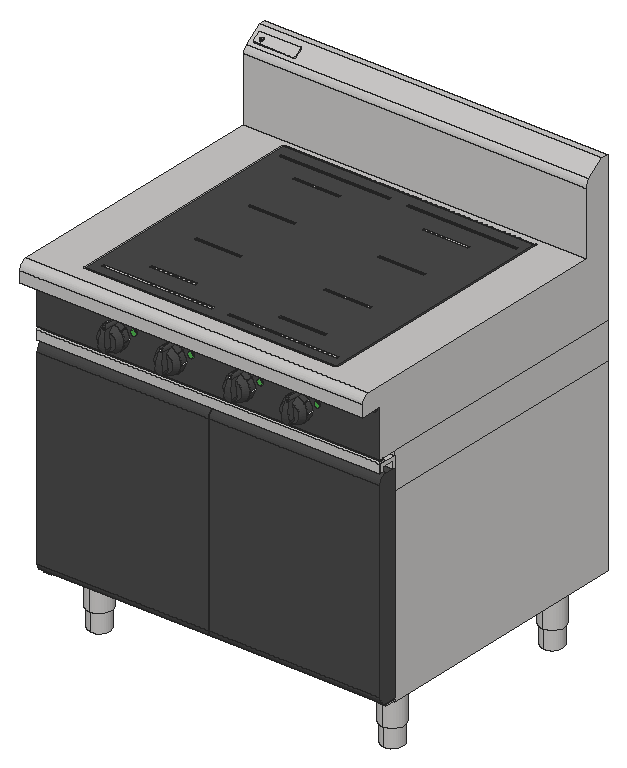
Revit family "QF_Moffat_INB8400F-CD_Induction_Cooktop_cat", category Specialty Equipment, Revit 2019
Family settings
  Round Connector Dimension = Use Diameter
  Part Type = Normal
  Work Plane-Based = No
  Always vertical = Yes
  Cut with Voids When Loaded = No
  Shared = No
  Room Calculation Point = No
Parameters (values of type "INB8400F-CD_415/60/3")
  Weight in Kilograms = 105
  Watts = 20000 W
  Volts = 415 V
  URL Cutsheet = ""
  Specification by User = ""
  Specification by Manufacturer = ""
  Show Logo [instance] = yes
  Serial Number = ""
  Seismic Rating = ""
  SMACNA No = ""
  Revision Code = ""
  Phase = 3
  Number of Poles = 1
  NAFEM Spec ID Number = ""
  Model = "INB8400F-CD"
  Min Ckt Ampacity = 0 A
  Max Overcurrent Protection = 0 A
  Masterspec = ""
  Manufacturer = "Moffat"
  Length = 900 mm
  Item Number = ""
  Installed By = ""
  Identify Quantity as Lot = yes
  Height = 1130 mm
  HP = ""
  Furnished By = ""
  Foodservice Equipment Identifier = yes
  FL Amps = 28 A
  Electrical Remarks = ""
  Electric Connection Type = ""
  Elec Conn RI Height = 0 mm
  Elec Conn Connection Height = 0 mm
  Description = "Induction Cooktop"
  Depth = 805 mm
  Cycle = 60 Hz
  Conn Plug = ""
  Conn Conduit = yes
  CSI MasterFormat = ""
  Apparent Power = 19376 VA
Reference planes
  plane 1 "BACK": y = 0
  plane 2: z = 0
  plane 3 "LEFT": x = 0
  plane 4 "RIGHT": x = 900
  plane 5 "FRONT": y = -805
  plane 6 "TOP": z = 1130
  plane 7 "Center Y": x = 450
  plane 8 "Center X": y = -402.5
  plane 9: x = 65.5
  plane 10: x = 834.5
  plane 11: y = -30
  plane 12: z = 150
  plane 13: y = -100
  plane 14: y = -625
  plane 15: y = -70
  plane 16: z = 915
  plane 17: x = 770
Forms (mm)
  Extrusion 1, solid, material "QF_Metal_Stainless_Polished"
    sketch origin (0, 0, 560) x (0, 1, 0) y (0, 0, 1)
      loop
        line (0, 180) -> (0, 570) -> (-18.182, 570) -> (-60.863, 538.99)
        arc (-60.863, 538.99) -> (-67.584, 531.121) -> (-70, 521.058) r 22.165
        line (-70, 521.058) -> (-70, 355) -> (-784.417, 355)
        arc (-784.417, 355) -> (-798.971, 348.971) -> (-805, 334.417) r 20.583
        line (-805, 334.417) -> (-805, 305) -> (-749, 305) -> (-749, 180) -> (0, 180)
    from 0 to 900
  Extrusion 2, void
    sketch origin (0, -784.171, 915) x (0, 1, 0) y (-1, 0, 0)
      loop
        arc (699.341, -122.382) -> (697.584, -118.139) -> (693.341, -116.382) r 6
        line (693.341, -116.382) -> (45.245, -116.382)
        arc (45.245, -116.382) -> (41.002, -118.139) -> (39.245, -122.382) r 6
        line (39.245, -122.382) -> (39.245, -777.618)
        arc (39.245, -777.618) -> (41.002, -781.861) -> (45.245, -783.618) r 6
        line (45.245, -783.618) -> (693.341, -783.618)
        arc (693.341, -783.618) -> (697.584, -781.861) -> (699.341, -777.618) r 6
        line (699.341, -777.618) -> (699.341, -122.382)
    from 0 to -9.5
  Extrusion 3, solid, material "QF_Plastic_Black_Smooth"
    sketch origin (0, -784.171, 915) x (0, 1, 0) y (-1, 0, 0)
      loop
        line (695.341, -777.618) -> (695.341, -122.382)
        arc (695.341, -122.382) -> (694.755, -120.968) -> (693.341, -120.382) r 2
        line (693.341, -120.382) -> (45.245, -120.382)
        arc (45.245, -120.382) -> (43.831, -120.968) -> (43.245, -122.382) r 2
        line (43.245, -122.382) -> (43.245, -777.618)
        arc (43.245, -777.618) -> (43.831, -779.032) -> (45.245, -779.618) r 2
        line (45.245, -779.618) -> (693.341, -779.618)
        arc (693.341, -779.618) -> (694.755, -779.032) -> (695.341, -777.618) r 2
      loop
        line (663.444, -138.924) -> (657.444, -138.924) -> (657.444, -426.076) -> (663.444, -426.076) -> (663.444, -138.924)
      loop
        line (78.838, -141.424) -> (72.838, -141.424) -> (72.838, -428.576) -> (78.838, -428.576) -> (78.838, -141.424)
      loop
        line (663.444, -761.076) -> (663.444, -473.924) -> (657.444, -473.924) -> (657.444, -761.076) -> (663.444, -761.076)
      loop
        line (78.838, -758.576) -> (78.838, -471.424) -> (72.838, -471.424) -> (72.838, -758.576) -> (78.838, -758.576)
      loop
        line (600.671, -220) -> (600.671, -340) -> (606.671, -340) -> (606.671, -220) -> (600.671, -220)
      loop
        line (454.421, -220) -> (454.421, -340) -> (460.421, -340) -> (460.421, -220) -> (454.421, -220)
      loop
        line (283.728, -340) -> (283.728, -220) -> (277.728, -220) -> (277.728, -340) -> (283.728, -340)
      loop
        line (136.404, -340) -> (136.404, -220) -> (130.404, -220) -> (130.404, -340) -> (136.404, -340)
      loop
        line (600.671, -680) -> (606.671, -680) -> (606.671, -560) -> (600.671, -560) -> (600.671, -680)
      loop
        line (454.421, -680) -> (460.421, -680) -> (460.421, -560) -> (454.421, -560) -> (454.421, -680)
      loop
        line (283.728, -560) -> (277.728, -560) -> (277.728, -680) -> (283.728, -680) -> (283.728, -560)
      loop
        line (136.404, -560) -> (130.404, -560) -> (130.404, -680) -> (136.404, -680) -> (136.404, -560)
    from 0 to -9.5
  Extrusion 4, solid, material "QF_Metal_Stainless_Polished"
    sketch origin (0, 0, 600) x (0, 1, 0) y (0, 0, 1)
      loop
        line (-739.467, 140) -> (-738.192, 134.838)
        arc (-738.192, 134.838) -> (-738.307, 134.302) -> (-738.799, 134.063) r 0.625
        line (-738.799, 134.063) -> (-746.111, 134.063)
        arc (-746.111, 134.063) -> (-748.011, 133.276) -> (-748.797, 131.377) r 2.686
        line (-748.797, 131.377) -> (-748.797, 107.627) -> (-747.197, 107.627) -> (-747.197, 131.242)
        arc (-747.197, 131.242) -> (-746.84, 132.105) -> (-745.976, 132.463) r 1.221
        line (-745.976, 132.463) -> (-738.755, 132.463)
        arc (-738.755, 132.463) -> (-737.028, 133.304) -> (-736.625, 135.182) r 2.194
        line (-736.625, 135.182) -> (-737.815, 140) -> (-739.467, 140)
    from 0 to 900
  Extrusion 5, solid, material "QF_Plastic_Black_Smooth"
    sketch origin (0, -749, 741.875) x (0, 0, 1) y (-1, 0, 0)
      loop
        circle (112.843, -13.157) r 5
      loop
        circle (112.843, -886.843) r 5
    from 0 to 1.6
  Extrusion 6, solid, material "QF_Metal_Stainless_Polished"
    sketch origin (450, -699, 645) x (0, 1, 0) y (1, 0, 0)
      loop
        circle (669, 320) r 6.35
    from 0 to 10
  Extrusion 7, solid, material "QF_Metal_Stainless_Polished"
    sketch origin (0, -699, 645) x (1, 0, 0) y (0, -1, 0)
      loop
        line (0, -699) -> (900, -699) -> (900, 0) -> (849.2, 0) -> (849.2, -25.4) -> (485.8, -25.4) -> (485.8, 0) -> (414.2, 0) -> (414.2, -25.4) -> (50.8, -25.4) -> (50.8, 0) -> (0, 0) -> (0, -699)
    from 0 to -95
  Extrusion 8, solid, material "QF_Metal_Stainless_Polished"
    sketch origin (50.8, -30, 645) x (0, 1, 0) y (0, 0, 1)
      loop
        line (-669, 0) -> (-643.6, 0) -> (-643.6, 26.45) -> (-669, 26.45) -> (-669, 0)
      loop
        line (-669, 32.45) -> (-643.6, 32.45) -> (-643.6, 66.4) -> (-669, 66.4) -> (-669, 32.45)
      loop
        line (-669, 67.4) -> (-643.6, 67.4) -> (-643.6, 95) -> (-669, 95) -> (-669, 67.4)
    from 0 to 363.4
  Extrusion 9, solid, material "QF_Metal_Stainless_Polished"
    sketch origin (900, 0, 560) x (-1, 0, 0) y (0, -1, 0)
      loop
        line (761.076, 126.726) -> (473.924, 126.726) -> (473.924, 120.726) -> (761.076, 120.726) -> (761.076, 126.726)
      loop
        line (680, 183.5) -> (560, 183.5) -> (560, 177.5) -> (680, 177.5) -> (680, 183.5)
      loop
        line (680, 329.75) -> (560, 329.75) -> (560, 323.75) -> (680, 323.75) -> (680, 329.75)
      loop
        line (680, 506.443) -> (560, 506.443) -> (560, 500.443) -> (680, 500.443) -> (680, 506.443)
      loop
        line (680, 653.766) -> (560, 653.766) -> (560, 647.766) -> (680, 647.766) -> (680, 653.766)
      loop
        line (758.576, 711.333) -> (471.424, 711.333) -> (471.424, 705.333) -> (758.576, 705.333) -> (758.576, 711.333)
      loop
        line (138.924, 126.726) -> (138.924, 120.726) -> (426.076, 120.726) -> (426.076, 126.726) -> (138.924, 126.726)
      loop
        line (220, 183.5) -> (220, 177.5) -> (340, 177.5) -> (340, 183.5) -> (220, 183.5)
      loop
        line (220, 329.75) -> (220, 323.75) -> (340, 323.75) -> (340, 329.75) -> (220, 329.75)
      loop
        line (220, 506.443) -> (220, 500.443) -> (340, 500.443) -> (340, 506.443) -> (220, 506.443)
      loop
        line (220, 653.766) -> (220, 647.766) -> (340, 647.766) -> (340, 653.766) -> (220, 653.766)
      loop
        line (141.424, 711.333) -> (141.424, 705.333) -> (428.576, 705.333) -> (428.576, 711.333) -> (141.424, 711.333)
    from 355 to 345.5
  Extrusion 10, solid, material "QF_Paint_Green"
    sketch origin (123.231, -748.999, 713.75) x (0, 0, 1) y (-1, 0, 0)
      loop
        circle (100.3, -282.5) r 7.15
    from 0 to 1.6
  Extrusion 11, solid, material "QF_Plastic_Black_Smooth"
    sketch origin (135, -748.999, 725.625) x (0, 0, 1) y (-1, 0, 0)
      loop
        circle (112.843, -225) r 5
    from 0 to 1.6
  Extrusion 12, solid, material "QF_Paint_Green"
    sketch origin (-26.769, -748.999, 713.75) x (0, 0, 1) y (-1, 0, 0)
      loop
        circle (100.3, -282.5) r 7.15
    from 0 to 1.6
  Extrusion 13, solid, material "QF_Plastic_Black_Smooth"
    sketch origin (-15, -748.999, 725.625) x (0, 0, 1) y (-1, 0, 0)
      loop
        circle (112.843, -225) r 5
    from 0 to 1.6
  Extrusion 14, solid, material "QF_Paint_Green"
    sketch origin (454.481, -748.999, 713.75) x (0, 0, 1) y (-1, 0, 0)
      loop
        circle (100.3, -282.5) r 7.15
    from 0 to 1.6
  Extrusion 15, solid, material "QF_Plastic_Black_Smooth"
    sketch origin (466.25, -748.999, 725.625) x (0, 0, 1) y (-1, 0, 0)
      loop
        circle (112.843, -225) r 5
    from 0 to 1.6
  Extrusion 16, solid, material "QF_Paint_Green"
    sketch origin (304.481, -748.999, 713.75) x (0, 0, 1) y (-1, 0, 0)
      loop
        circle (100.3, -282.5) r 7.15
    from 0 to 1.6
  Extrusion 17, solid, material "QF_Plastic_Black_Smooth"
    sketch origin (316.25, -748.999, 725.625) x (0, 0, 1) y (-1, 0, 0)
      loop
        circle (112.843, -225) r 5
    from 0 to 1.6
  Extrusion 18, solid, material "QF_Metal_Stainless_Polished"
    sketch origin (849.2, -30, 645) x (0, 1, 0) y (0, 0, -1)
      loop
        line (-669, 0) -> (-669, -26.45) -> (-643.6, -26.45) -> (-643.6, 0) -> (-669, 0)
      loop
        line (-669, -32.45) -> (-669, -66.4) -> (-643.6, -66.4) -> (-643.6, -32.45) -> (-669, -32.45)
      loop
        line (-669, -67.4) -> (-669, -95) -> (-643.6, -95) -> (-643.6, -67.4) -> (-669, -67.4)
    from 0 to 363.4
Cuts and joins
  Extrusion 2 cuts Extrusion 1
Lines and regions (mm)
  symbolic lines
    curve 1: line (0, 0, 0) -> (900, 0, 0)
    curve 2: line (0, -805, 0) -> (0, 0, 0)
    curve 3: line (900, -805, 0) -> (0, -805, 0)
    curve 4: line (900, 0, 0) -> (900, -805, 0)
    curve 5: line (0, -18.182, 0) -> (900, -18.182, 0)
    curve 6: line (0, -70, 0) -> (450, -70, 0)
    curve 7: line (122.382, -84.83, 0) -> (777.618, -84.83, 0)
    curve 8: arc (777.618, -84.83, 0) -> (781.861, -86.587, 0) -> (783.618, -90.83, 0) r 6
    curve 9: line (783.618, -90.83, 0) -> (783.618, -738.926, 0)
    curve 10: arc (783.618, -738.926, 0) -> (781.861, -743.168, 0) -> (777.618, -744.926, 0) r 6
    curve 11: line (777.618, -744.926, 0) -> (122.382, -744.926, 0)
    curve 12: arc (122.382, -744.926, 0) -> (118.139, -743.168, 0) -> (116.382, -738.926, 0) r 6
    curve 13: line (116.382, -738.926, 0) -> (116.382, -90.83, 0)
    curve 14: arc (116.382, -90.83, 0) -> (118.139, -86.587, 0) -> (122.382, -84.83, 0) r 6
    curve 15: line (777.618, -88.83, 0) -> (122.382, -88.83, 0)
    curve 16: arc (122.382, -88.83, 0) -> (120.968, -89.415, 0) -> (120.382, -90.83, 0) r 2
    curve 17: line (120.382, -90.83, 0) -> (120.382, -738.926, 0)
    curve 18: arc (120.382, -738.926, 0) -> (120.968, -740.34, 0) -> (122.382, -740.926, 0) r 2
    curve 19: line (122.382, -740.926, 0) -> (777.618, -740.926, 0)
    curve 20: arc (777.618, -740.926, 0) -> (779.032, -740.34, 0) -> (779.618, -738.926, 0) r 2
    curve 21: line (779.618, -738.926, 0) -> (779.618, -90.83, 0)
    curve 22: arc (779.618, -90.83, 0) -> (779.032, -89.415, 0) -> (777.618, -88.83, 0) r 2
    curve 23: line (783.618, -738.926, 0) -> (783.618, -90.83, 0)
    curve 24: line (779.618, -90.83, 0) -> (779.618, -738.926, 0)
    curve 25: line (138.924, -126.726, 0) -> (426.076, -126.726, 0)
    curve 26: line (426.076, -126.726, 0) -> (426.076, -120.726, 0)
    curve 27: line (426.076, -120.726, 0) -> (138.924, -120.726, 0)
    curve 28: line (138.924, -120.726, 0) -> (138.924, -126.726, 0)
    curve 29: line (220, -183.5, 0) -> (340, -183.5, 0)
    curve 30: line (340, -183.5, 0) -> (340, -177.5, 0)
    curve 31: line (340, -177.5, 0) -> (220, -177.5, 0)
    curve 32: line (220, -177.5, 0) -> (220, -183.5, 0)
    curve 33: line (220, -329.75, 0) -> (340, -329.75, 0)
    curve 34: line (340, -329.75, 0) -> (340, -323.75, 0)
    curve 35: line (340, -323.75, 0) -> (220, -323.75, 0)
    curve 36: line (220, -323.75, 0) -> (220, -329.75, 0)
    curve 37: line (220, -506.443, 0) -> (340, -506.443, 0)
    curve 38: line (340, -506.443, 0) -> (340, -500.443, 0)
    curve 39: line (340, -500.443, 0) -> (220, -500.443, 0)
    curve 40: line (220, -500.443, 0) -> (220, -506.443, 0)
    curve 41: line (220, -653.766, 0) -> (340, -653.766, 0)
    curve 42: line (340, -653.766, 0) -> (340, -647.766, 0)
    curve 43: line (340, -647.766, 0) -> (220, -647.766, 0)
    curve 44: line (220, -647.766, 0) -> (220, -653.766, 0)
    curve 45: line (141.424, -711.333, 0) -> (428.576, -711.333, 0)
    curve 46: line (428.576, -711.333, 0) -> (428.576, -705.333, 0)
    curve 47: line (428.576, -705.333, 0) -> (141.424, -705.333, 0)
    curve 48: line (141.424, -705.333, 0) -> (141.424, -711.333, 0)
    curve 49: line (471.424, -711.333, 0) -> (758.576, -711.333, 0)
    curve 50: line (758.576, -711.333, 0) -> (758.576, -705.333, 0)
    curve 51: line (758.576, -705.333, 0) -> (471.424, -705.333, 0)
    curve 52: line (471.424, -705.333, 0) -> (471.424, -711.333, 0)
    curve 53: line (680, -653.766, 0) -> (560, -653.766, 0)
    curve 54: line (560, -653.766, 0) -> (560, -647.766, 0)
    curve 55: line (560, -647.766, 0) -> (680, -647.766, 0)
    curve 56: line (680, -647.766, 0) -> (680, -653.766, 0)
    curve 57: line (560, -506.443, 0) -> (680, -506.443, 0)
    curve 58: line (680, -506.443, 0) -> (680, -500.443, 0)
    curve 59: line (680, -500.443, 0) -> (560, -500.443, 0)
    curve 60: line (560, -500.443, 0) -> (560, -506.443, 0)
    curve 61: line (560, -329.75, 0) -> (680, -329.75, 0)
    curve 62: line (680, -329.75, 0) -> (680, -323.75, 0)
    curve 63: line (680, -323.75, 0) -> (560, -323.75, 0)
    curve 64: line (560, -323.75, 0) -> (560, -329.75, 0)
    curve 65: line (680, -177.5, 0) -> (560, -177.5, 0)
    curve 66: line (560, -177.5, 0) -> (560, -183.5, 0)
    curve 67: line (560, -183.5, 0) -> (680, -183.5, 0)
    curve 68: line (680, -183.5, 0) -> (680, -177.5, 0)
    curve 69: line (473.924, -126.726, 0) -> (761.076, -126.726, 0)
    curve 70: line (761.076, -126.726, 0) -> (761.076, -120.726, 0)
    curve 71: line (761.076, -120.726, 0) -> (473.924, -120.726, 0)
    curve 72: line (473.924, -120.726, 0) -> (473.924, -126.726, 0)
    curve 73: line (0, 0, 560) -> (900, 0, 560)
    curve 74: line (0, -805, 560) -> (0, 0, 560)
    curve 75: line (900, -805, 560) -> (0, -805, 560)
    curve 76: line (900, 0, 560) -> (900, -805, 560)
    curve 77: line (0, -18.182, 560) -> (900, -18.182, 560)
    curve 78: line (0, -70, 560) -> (900, -70, 560)
    curve 79: line (122.382, -84.83, 560) -> (777.618, -84.83, 560)
    curve 80: arc (777.618, -84.83, 560) -> (781.861, -86.587, 560) -> (783.618, -90.83, 560) r 6
    curve 81: line (783.618, -90.83, 560) -> (783.618, -738.926, 560)
    curve 82: arc (783.618, -738.926, 560) -> (781.861, -743.168, 560) -> (777.618, -744.926, 560) r 6
    curve 83: line (777.618, -744.926, 560) -> (122.382, -744.926, 560)
    curve 84: arc (122.382, -744.926, 560) -> (118.139, -743.168, 560) -> (116.382, -738.926, 560) r 6
    curve 85: line (116.382, -738.926, 560) -> (116.382, -90.83, 560)
    curve 86: arc (116.382, -90.83, 560) -> (118.139, -86.587, 560) -> (122.382, -84.83, 560) r 6
    curve 87: line (777.618, -88.83, 560) -> (122.382, -88.83, 560)
    curve 88: arc (122.382, -88.83, 560) -> (120.968, -89.415, 560) -> (120.382, -90.83, 560) r 2
    curve 89: line (120.382, -90.83, 560) -> (120.382, -738.926, 560)
    curve 90: arc (120.382, -738.926, 560) -> (120.968, -740.34, 560) -> (122.382, -740.926, 560) r 2
    curve 91: line (122.382, -740.926, 560) -> (777.618, -740.926, 560)
    curve 92: arc (777.618, -740.926, 560) -> (779.032, -740.34, 560) -> (779.618, -738.926, 560) r 2
    curve 93: line (779.618, -738.926, 560) -> (779.618, -90.83, 560)
    curve 94: arc (779.618, -90.83, 560) -> (779.032, -89.415, 560) -> (777.618, -88.83, 560) r 2
    curve 95: line (783.618, -738.926, 560) -> (783.618, -90.83, 560)
    curve 96: line (779.618, -90.83, 560) -> (779.618, -738.926, 560)
    curve 97: line (138.924, -126.726, 560) -> (426.076, -126.726, 560)
    curve 98: line (426.076, -126.726, 560) -> (426.076, -120.726, 560)
    curve 99: line (426.076, -120.726, 560) -> (138.924, -120.726, 560)
    curve 100: line (138.924, -120.726, 560) -> (138.924, -126.726, 560)
    curve 101: line (220, -183.5, 560) -> (340, -183.5, 560)
    curve 102: line (340, -183.5, 560) -> (340, -177.5, 560)
    curve 103: line (340, -177.5, 560) -> (220, -177.5, 560)
    curve 104: line (220, -177.5, 560) -> (220, -183.5, 560)
    curve 105: line (220, -329.75, 560) -> (340, -329.75, 560)
    curve 106: line (340, -329.75, 560) -> (340, -323.75, 560)
    curve 107: line (340, -323.75, 560) -> (220, -323.75, 560)
    curve 108: line (220, -323.75, 560) -> (220, -329.75, 560)
    curve 109: line (220, -506.443, 560) -> (340, -506.443, 560)
    curve 110: line (340, -506.443, 560) -> (340, -500.443, 560)
    curve 111: line (340, -500.443, 560) -> (220, -500.443, 560)
    curve 112: line (220, -500.443, 560) -> (220, -506.443, 560)
    curve 113: line (220, -653.766, 560) -> (340, -653.766, 560)
    curve 114: line (340, -653.766, 560) -> (340, -647.766, 560)
    curve 115: line (340, -647.766, 560) -> (220, -647.766, 560)
    curve 116: line (220, -647.766, 560) -> (220, -653.766, 560)
    curve 117: line (141.424, -711.333, 560) -> (428.576, -711.333, 560)
    curve 118: line (428.576, -711.333, 560) -> (428.576, -705.333, 560)
    curve 119: line (428.576, -705.333, 560) -> (141.424, -705.333, 560)
    curve 120: line (141.424, -705.333, 560) -> (141.424, -711.333, 560)
    curve 121: line (471.424, -711.333, 560) -> (758.576, -711.333, 560)
    curve 122: line (758.576, -711.333, 560) -> (758.576, -705.333, 560)
    curve 123: line (758.576, -705.333, 560) -> (471.424, -705.333, 560)
    curve 124: line (471.424, -705.333, 560) -> (471.424, -711.333, 560)
    curve 125: line (680, -653.766, 560) -> (560, -653.766, 560)
    curve 126: line (560, -653.766, 560) -> (560, -647.766, 560)
    curve 127: line (560, -647.766, 560) -> (680, -647.766, 560)
    curve 128: line (680, -647.766, 560) -> (680, -653.766, 560)
    curve 129: line (560, -506.443, 560) -> (680, -506.443, 560)
    curve 130: line (680, -506.443, 560) -> (680, -500.443, 560)
    curve 131: line (680, -500.443, 560) -> (560, -500.443, 560)
    curve 132: line (560, -500.443, 560) -> (560, -506.443, 560)
    curve 133: line (560, -329.75, 560) -> (680, -329.75, 560)
    curve 134: line (680, -329.75, 560) -> (680, -323.75, 560)
    curve 135: line (680, -323.75, 560) -> (560, -323.75, 560)
    curve 136: line (560, -323.75, 560) -> (560, -329.75, 560)
    curve 137: line (680, -177.5, 560) -> (560, -177.5, 560)
    curve 138: line (560, -177.5, 560) -> (560, -183.5, 560)
    curve 139: line (560, -183.5, 560) -> (680, -183.5, 560)
    curve 140: line (680, -183.5, 560) -> (680, -177.5, 560)
    curve 141: line (473.924, -126.726, 560) -> (761.076, -126.726, 560)
    curve 142: line (761.076, -126.726, 560) -> (761.076, -120.726, 560)
    curve 143: line (761.076, -120.726, 560) -> (473.924, -120.726, 560)
    curve 144: line (473.924, -120.726, 560) -> (473.924, -126.726, 560)
Dimensions and locks
  equal spacing: plane 3 "LEFT", plane 7 "Center Y", plane 4 "RIGHT"
  "Length": plane 3 "LEFT" to plane 4 "RIGHT"
  equal spacing: plane 5 "FRONT", plane 8 "Center X", plane 1 "BACK"
  "Depth": plane 5 "FRONT" to plane 1 "BACK"
  "Height": plane 6 "TOP" to level
  plane 9 to plane 10 = 769 mm
  plane 4 "RIGHT" to plane 3 "LEFT" = 900 mm
  plane 6 "TOP" to plane 2 = 1130 mm
  plane 1 "BACK" to plane 11 = 30 mm
  plane 1 "BACK" to plane 13 to plane 14 = 100 mm, 525 mm
  plane 1 "BACK" to plane 15 = 70 mm
  plane 16 to level = 915 mm  (x2)
  level to plane 12 = 150 mm
  plane 12 to level = 150 mm
  plane 4 "RIGHT" to plane 17 = 130 mm
  plane 1 "BACK" to plane 5 "FRONT" = 805 mm
  locked: plane 10 to plane 4 "RIGHT" at 65.5
  Extrusion 6 to level = 635 mm
  aligned and locked: level to plane 2
  aligned and locked: Extrusion 18 to Extrusion 7  (x2)
Automatic sketch dimensions
  curve 8 to curve 22 = 0 mm  (x2)
  curve 10 to curve 20 = 0 mm  (x2)
  curve 12 to curve 18 = 0 mm  (x2)
  curve 14 to curve 16 = 0 mm  (x2)
  plane 1 "BACK" to curve 1 = 0 mm
  curve 1 to plane 3 "LEFT" = 0 mm
  curve 6 to plane 7 "Center Y" = 0 mm
  curve 1 to plane 4 "RIGHT" = 0 mm
  plane 5 "FRONT" to curve 3 = 0 mm
  plane 15 to curve 6 = 0 mm
  curve 13 to plane 9 = 50.882 mm
  curve 13 to curve 17 = 4 mm
  curve 17 to curve 16 = 2 mm
  curve 17 to curve 18 = 2 mm
  curve 14 to curve 25 = 16.542 mm
  curve 18 to curve 48 = 19.042 mm
  curve 40 to plane 9 = 154.5 mm
  plane 14 to curve 44 = 22.766 mm
  curve 47 to curve 44 = 78.576 mm
  curve 25 to curve 29 = 81.076 mm
  plane 8 "Center X" to curve 36 = 72.75 mm
  curve 36 to curve 29 = 0 mm
  curve 34 to plane 7 "Center Y" = 110 mm
  curve 37 to plane 7 "Center Y" = 110 mm
  plane 14 to curve 41 = 28.766 mm
  curve 41 to plane 7 "Center Y" = 110 mm
  curve 31 to plane 7 "Center Y" = 110 mm
  curve 26 to plane 7 "Center Y" = 23.924 mm
  curve 45 to plane 7 "Center Y" = 21.424 mm
  plane 7 "Center Y" to curve 52 = 21.424 mm
  plane 7 "Center Y" to curve 72 = 23.924 mm
  curve 69 to curve 67 = 86.076 mm
  plane 7 "Center Y" to curve 64 = 110 mm
  plane 7 "Center Y" to curve 60 = 110 mm
  plane 14 to curve 55 = 22.766 mm
  curve 51 to curve 55 = 88.576 mm
  plane 14 to curve 56 = 28.766 mm
  curve 56 to plane 17 = 90 mm
  curve 63 to plane 17 = 90 mm
  curve 68 to plane 17 = 90 mm
  curve 59 to plane 17 = 90 mm
  curve 51 to plane 17 = 11.424 mm
  curve 69 to plane 17 = 8.924 mm
  plane 17 to curve 10 = 7.618 mm
  plane 17 to curve 7 = 7.618 mm
  curve 8 to curve 21 = 2 mm
  curve 11 to plane 5 "FRONT" = 60.074 mm
  curve 10 to curve 50 = 27.593 mm
  curve 18 to curve 45 = 27.593 mm
  curve 45 to curve 47 = 6 mm
  curve 49 to curve 51 = 6 mm
  curve 60 to plane 8 "Center X" = 103.943 mm
  curve 40 to plane 8 "Center X" = 103.943 mm
  curve 57 to curve 59 = 6 mm
  curve 37 to curve 40 = 6 mm
  plane 8 "Center X" to curve 62 = 72.75 mm
  curve 61 to curve 64 = 6 mm
  curve 33 to curve 34 = 6 mm
  plane 13 to curve 29 = 83.5 mm
  plane 13 to curve 67 = 83.5 mm
  curve 29 to curve 31 = 6 mm
  curve 67 to curve 68 = 6 mm
  plane 13 to curve 25 = 26.726 mm
  plane 13 to curve 72 = 26.726 mm
  curve 25 to curve 28 = 6 mm
  curve 69 to curve 71 = 6 mm
  curve 21 to plane 13 = 9.17 mm
  curve 5 to plane 11 = 11.818 mm
  Extrusion 1 sketch curve to plane 5 "FRONT" = 0 mm
  Extrusion 1 sketch curve to plane 16 = 0 mm
  Extrusion 1 sketch curve to plane 15 = 0 mm
  Extrusion 1 sketch curve to plane 6 "TOP" = 0 mm
  Extrusion 1 sketch curve to plane 1 "BACK" = 0 mm
  Extrusion 1 sketch curve to plane 5 "FRONT" = 20.583 mm
  Extrusion 1 sketch curve to plane 5 "FRONT" = 56 mm
  Extrusion 1 sketch curve to plane 15 = 9.137 mm
  plane 11 to Extrusion 1 sketch curve = 17.835 mm
  Extrusion 1 sketch curve to plane 11 = 11.818 mm
  Extrusion 1 sketch curve to Extrusion 1 sketch curve = 29.417 mm
  Extrusion 1 sketch curve to plane 16 = 175 mm
  Extrusion 1 sketch curve to plane 6 "TOP" = 48.942 mm
  Extrusion 2 sketch curve to Extrusion 1 = 39.492 mm
  Extrusion 2 sketch curve to Extrusion 2 sketch curve = 6 mm  (x3)
  Extrusion 1 to Extrusion 2 sketch curve = 20.83 mm  (x2)
  Extrusion 1 to Extrusion 2 sketch curve = 116.382 mm
  Extrusion 1 to Extrusion 2 sketch curve = 122.382 mm
  Extrusion 3 sketch curve to Extrusion 1 = 43.492 mm
  Extrusion 3 sketch curve to Extrusion 3 sketch curve = 2 mm  (x3)
  Extrusion 3 sketch curve to Extrusion 1 = 73.085 mm
  Extrusion 3 sketch curve to Extrusion 3 sketch curve = 0 mm  (x5)
  Extrusion 3 sketch curve to Extrusion 3 sketch curve = 6 mm  (x12)
  Extrusion 3 sketch curve to Extrusion 3 sketch curve = 51.566 mm  (x2)
  Extrusion 3 sketch curve to Extrusion 3 sketch curve = 141.323 mm  (x2)
  Extrusion 3 sketch curve to Extrusion 3 sketch curve = 170.693 mm  (x2)
  Extrusion 1 to Extrusion 3 sketch curve = 113.5 mm  (x2)
  Extrusion 1 to Extrusion 3 sketch curve = 56.726 mm
  Extrusion 1 to Extrusion 3 sketch curve = 20.83 mm  (x2)
  Extrusion 1 to Extrusion 3 sketch curve = 120.382 mm
  Extrusion 3 sketch curve to Extrusion 3 sketch curve = 16.542 mm
  Extrusion 3 sketch curve to Extrusion 3 sketch curve = 19.042 mm  (x2)
  Extrusion 3 sketch curve to Extrusion 3 sketch curve = 81.076 mm  (x2)
  Extrusion 3 sketch curve to Extrusion 3 sketch curve = 78.576 mm  (x3)
  Extrusion 3 sketch curve to Extrusion 3 sketch curve = 120 mm  (x8)
  Extrusion 3 sketch curve to Extrusion 3 sketch curve = 86.076 mm  (x2)
  Extrusion 3 sketch curve to Extrusion 3 sketch curve = 88.576 mm  (x2)
  Extrusion 3 sketch curve to Extrusion 3 sketch curve = 42.848 mm
  Extrusion 3 sketch curve to Extrusion 3 sketch curve = 47.848 mm
  Extrusion 4 sketch curve to plane 5 "FRONT" = 56.203 mm
  Extrusion 4 sketch curve to Extrusion 4 sketch curve = 1.6 mm
  Extrusion 4 sketch curve to Extrusion 4 sketch curve = 1.086 mm
  Extrusion 4 sketch curve to Extrusion 4 sketch curve = 0.135 mm  (x2)
  Extrusion 4 sketch curve to Extrusion 4 sketch curve = 6.644 mm
  Extrusion 4 sketch curve to Extrusion 4 sketch curve = 0.668 mm
  Extrusion 4 sketch curve to Extrusion 4 sketch curve = 0.044 mm
  Extrusion 4 sketch curve to Extrusion 4 sketch curve = 0.563 mm
  Extrusion 4 sketch curve to Extrusion 4 sketch curve = 1.652 mm
  Extrusion 4 sketch curve to Extrusion 4 sketch curve = 1.567 mm
  Extrusion 4 sketch curve to plane 16 = 207.373 mm
  Extrusion 4 sketch curve to Extrusion 4 sketch curve = 23.614 mm
  Extrusion 4 sketch curve to Extrusion 4 sketch curve = 0.594 mm
  Extrusion 4 sketch curve to Extrusion 4 sketch curve = 0.032 mm
  Extrusion 4 sketch curve to Extrusion 4 sketch curve = 5.162 mm
  Extrusion 1 to Extrusion 5 sketch curve = 10.282 mm  (x2)
  Extrusion 1 to Extrusion 5 sketch curve = 13.157 mm  (x2)
  Extrusion 7 to Extrusion 6 sketch curve = 30 mm
  Extrusion 6 sketch curve to Extrusion 7 = 79.2 mm
  Extrusion 7 sketch curve to plane 3 "LEFT" = 0 mm
  Extrusion 7 sketch curve to plane 4 "RIGHT" = 0 mm
  plane 1 "BACK" to Extrusion 7 sketch curve = 0 mm
  plane 9 to Extrusion 7 sketch curve = 14.7 mm
  Extrusion 7 sketch curve to plane 7 "Center Y" = 35.8 mm
  plane 7 "Center Y" to Extrusion 7 sketch curve = 35.8 mm
  Extrusion 7 sketch curve to plane 10 = 14.7 mm
  plane 14 to Extrusion 7 sketch curve = 48.6 mm  (x2)
  Extrusion 7 sketch curve to Extrusion 7 sketch curve = 25.4 mm  (x3)
  Extrusion 8 sketch curve to Extrusion 7 = 0 mm  (x8)
  Extrusion 7 to Extrusion 8 sketch curve = 26.45 mm
  Extrusion 8 sketch curve to Extrusion 8 sketch curve = 6 mm
  Extrusion 7 to Extrusion 8 sketch curve = 28.6 mm
  Extrusion 8 sketch curve to Extrusion 8 sketch curve = 1 mm
  plane 17 to Extrusion 9 sketch curve = 8.924 mm
  plane 17 to Extrusion 9 sketch curve = 11.424 mm
  Extrusion 9 sketch curve to plane 14 = 28.766 mm  (x2)
  plane 17 to Extrusion 9 sketch curve = 90 mm  (x4)
  Extrusion 9 sketch curve to plane 7 "Center Y" = 110 mm  (x4)
  Extrusion 9 sketch curve to plane 14 = 22.766 mm
  Extrusion 9 sketch curve to plane 7 "Center Y" = 23.924 mm
  Extrusion 9 sketch curve to plane 7 "Center Y" = 21.424 mm
  plane 7 "Center Y" to Extrusion 9 sketch curve = 21.424 mm
  plane 7 "Center Y" to Extrusion 9 sketch curve = 23.924 mm
  plane 7 "Center Y" to Extrusion 9 sketch curve = 110 mm  (x2)
  Extrusion 9 sketch curve to Extrusion 9 sketch curve = 88.576 mm
  Extrusion 9 sketch curve to Extrusion 9 sketch curve = 86.076 mm
  Extrusion 9 sketch curve to Extrusion 9 sketch curve = 120 mm  (x4)
  plane 9 to Extrusion 9 sketch curve = 75.924 mm
  Extrusion 9 sketch curve to plane 13 = 20.726 mm
  plane 9 to Extrusion 9 sketch curve = 73.424 mm
  Extrusion 9 sketch curve to plane 14 = 80.333 mm  (x2)
  Extrusion 9 sketch curve to Extrusion 9 sketch curve = 6 mm  (x11)
  plane 8 "Center X" to Extrusion 9 sketch curve = 103.943 mm  (x2)
  Extrusion 9 sketch curve to plane 8 "Center X" = 72.75 mm  (x2)
  Extrusion 9 sketch curve to plane 13 = 83.5 mm  (x2)
  Extrusion 9 sketch curve to plane 13 = 26.726 mm
  Extrusion 10 sketch curve to plane 7 "Center Y" = 44.269 mm
  Extrusion 10 sketch curve to plane 16 = 100.95 mm
  Extrusion 11 sketch curve to plane 16 = 76.532 mm
  Extrusion 11 sketch curve to plane 7 "Center Y" = 90 mm
  Extrusion 12 sketch curve to plane 16 = 100.95 mm
  Extrusion 12 sketch curve to plane 9 = 190.231 mm
  Extrusion 13 sketch curve to plane 16 = 76.532 mm
  Extrusion 13 sketch curve to plane 9 = 144.5 mm
  Extrusion 14 sketch curve to plane 17 = 33.019 mm
  Extrusion 14 sketch curve to plane 16 = 100.95 mm
  Extrusion 15 sketch curve to plane 16 = 76.532 mm
  Extrusion 15 sketch curve to plane 17 = 78.75 mm
  Extrusion 16 sketch curve to plane 16 = 100.95 mm
  plane 7 "Center Y" to Extrusion 16 sketch curve = 136.981 mm
  Extrusion 17 sketch curve to plane 16 = 76.532 mm
  plane 7 "Center Y" to Extrusion 17 sketch curve = 91.25 mm
  plane 14 to Extrusion 18 sketch curve = 74 mm
  Extrusion 18 sketch curve to Extrusion 18 sketch curve = 0 mm  (x4)
  Extrusion 18 sketch curve to Extrusion 18 sketch curve = 25.4 mm
  Extrusion 18 sketch curve to plane 16 = 175 mm
  Extrusion 18 sketch curve to Extrusion 18 sketch curve = 27.6 mm
  Extrusion 18 sketch curve to Extrusion 18 sketch curve = 1 mm
  Extrusion 18 sketch curve to Extrusion 18 sketch curve = 33.95 mm
  Extrusion 18 sketch curve to Extrusion 18 sketch curve = 6 mm
  Extrusion 18 sketch curve to Extrusion 18 sketch curve = 26.45 mm
  curve 80 to curve 94 = 0 mm  (x2)
  curve 82 to curve 92 = 0 mm
  curve 84 to curve 90 = 0 mm  (x2)
  curve 86 to curve 88 = 0 mm  (x2)
  plane 1 "BACK" to curve 73 = 0 mm
  curve 73 to plane 3 "LEFT" = 0 mm
  curve 75 to plane 4 "RIGHT" = 0 mm
  plane 5 "FRONT" to curve 75 = 0 mm
  plane 15 to curve 78 = 0 mm
  curve 85 to plane 9 = 50.882 mm
  curve 85 to curve 89 = 4 mm
  curve 89 to curve 88 = 2 mm
  curve 89 to curve 90 = 2 mm
  curve 86 to curve 97 = 16.542 mm
  curve 90 to curve 120 = 19.042 mm
  curve 112 to plane 9 = 154.5 mm
  plane 14 to curve 116 = 22.766 mm
  curve 119 to curve 116 = 78.576 mm
  curve 97 to curve 101 = 81.076 mm
  plane 8 "Center X" to curve 108 = 72.75 mm
  curve 108 to curve 101 = 0 mm
  curve 106 to plane 7 "Center Y" = 110 mm
  curve 109 to plane 7 "Center Y" = 110 mm
  plane 14 to curve 113 = 28.766 mm
  curve 113 to plane 7 "Center Y" = 110 mm
  curve 103 to plane 7 "Center Y" = 110 mm
  curve 98 to plane 7 "Center Y" = 23.924 mm
  curve 118 to plane 7 "Center Y" = 21.424 mm
  plane 7 "Center Y" to curve 124 = 21.424 mm
  plane 7 "Center Y" to curve 144 = 23.924 mm
  curve 141 to curve 139 = 86.076 mm
  plane 7 "Center Y" to curve 136 = 110 mm
  plane 7 "Center Y" to curve 132 = 110 mm
  plane 14 to curve 127 = 22.766 mm
  curve 123 to curve 127 = 88.576 mm
  curve 135 to plane 17 = 90 mm
  curve 137 to plane 17 = 90 mm
  curve 131 to plane 17 = 90 mm
  plane 14 to curve 128 = 28.766 mm
  curve 128 to plane 17 = 90 mm
  curve 122 to plane 17 = 11.424 mm
  curve 141 to plane 17 = 8.924 mm
  plane 17 to curve 91 = 7.618 mm
  plane 17 to curve 80 = 7.618 mm
  curve 80 to curve 96 = 2 mm
  curve 83 to plane 5 "FRONT" = 60.074 mm
  curve 82 to curve 122 = 27.593 mm
  curve 90 to curve 117 = 27.593 mm
  curve 117 to curve 119 = 6 mm
  curve 121 to curve 123 = 6 mm
  curve 132 to plane 8 "Center X" = 103.943 mm
  curve 112 to plane 8 "Center X" = 103.943 mm
  curve 129 to curve 131 = 6 mm
  curve 109 to curve 112 = 6 mm
  plane 8 "Center X" to curve 134 = 72.75 mm
  curve 133 to curve 136 = 6 mm
  curve 105 to curve 106 = 6 mm
  plane 13 to curve 101 = 83.5 mm
  plane 13 to curve 139 = 83.5 mm
  curve 101 to curve 103 = 6 mm
  curve 139 to curve 140 = 6 mm
  plane 13 to curve 97 = 26.726 mm
  plane 13 to curve 144 = 26.726 mm
  curve 97 to curve 100 = 6 mm
  curve 141 to curve 143 = 6 mm
  curve 93 to plane 13 = 9.17 mm
  curve 77 to plane 11 = 11.818 mm
  radius of Extrusion 5 sketch curve = 5 mm  (x2)
  radius of Extrusion 6 sketch curve = 6.35 mm
  radius of Extrusion 10 sketch curve = 7.15 mm
  radius of Extrusion 11 sketch curve = 5 mm
  radius of Extrusion 12 sketch curve = 7.15 mm
  radius of Extrusion 13 sketch curve = 5 mm
  radius of Extrusion 14 sketch curve = 7.15 mm
  radius of Extrusion 15 sketch curve = 5 mm
  radius of Extrusion 16 sketch curve = 7.15 mm
  radius of Extrusion 17 sketch curve = 5 mm
Nested families
  nested 1: "INLB8100F-CD_Closed Door 900" at (0, 0, 0), type "IN511F-LS"
  nested 2: "QF_LOGO_Waldorf" at (12, -52.35, 1105.175), visible <- "Show Logo", type "QF_LOGO_Waldorf"
  nested 3: "Knob" at (327.5, -739.499, 760.75), type "Knob"
  nested 4: "Knob" at (177.5, -739.499, 760.75), type "Knob"
  nested 5: "Knob" at (658.75, -739.499, 760.75), type "Knob"
  nested 6: "Knob" at (508.75, -739.499, 760.75), type "Knob"
Connectors
  electrical at (770, -30, 635), driven by "Volts", driven by "Watts"
    settings: on Extrusion 6, index 5, voltage 415 V, apparent load 20000 VA, apparent load phase1 0 VA, apparent load phase2 0 VA, apparent load phase3 0 VA, power factor 1, load classification "Other", number of poles 1, system type 30, power factor state 1, is connector primary yes, connector utility no, sub classification motor no, connector description "ELECTRICAL CONNECTION"
Definition of nested family "INLB8100F-CD_Closed Door 900"
  Parameters (values of type "IN511F-LS")
    Model = ""
    Manufacturer = ""
    Description = ""
  Reference planes
    plane 1 "BACK": y = 0
    plane 2: z = 0
    plane 3 "LEFT": x = 0
    plane 4 "RIGHT": x = 900
    plane 5 "FRONT": y = -805
    plane 6 "TOP": z = 970
    plane 7 "Center Y": x = 450
    plane 8 "Center X": y = -402.5
    plane 9: x = 65.5
    plane 10: y = -100
    plane 11: y = -625
    plane 12: z = 150
    plane 13: z = 740
    plane 14: x = 834.5
  Forms (mm)
    Revolve 1, solid
      sketch origin (65.5, -4572, 255.2) x (0, 0, -1) y (0, -1, 0)
        loop
          line (255.2, -3974.5) -> (255.2, -3947) -> (105.2, -3947) -> (105.2, -3978.75) -> (205.2, -3978.75) -> (205.2, -3974.5) -> (255.2, -3974.5)
        axis (105.2, -3947) -> (255.2, -3947)
      angle from 0 to 360
    Extrusion 2, solid
      sketch origin (0, 0, 0) x (0, 1, 0) y (0, 0, 1)
        loop
          line (-50.8, 150) -> (-50.8, 242.5) -> (-699, 242.5) -> (-699, 150) -> (-50.8, 150)
      from 0 to 900
    Extrusion 3, solid
      sketch origin (-6096, 120, 150) x (0, 1, 0) y (-1, 0, 0)
        loop
          line (-120, -6096) -> (-819, -6096) -> (-819, -6146.8) -> (-170.8, -6146.8) -> (-170.8, -6513.1) -> (-819, -6513.1) -> (-819, -6578.9) -> (-170.8, -6578.9) -> (-170.8, -6945.2) -> (-819, -6945.2) -> (-819, -6996) -> (-120, -6996) -> (-120, -6096)
      from 0 to 590
    Revolve 4, solid
      sketch origin (65.5, -4047, 255.2) x (0, 0, -1) y (0, -1, 0)
        loop
          line (255.2, -3974.5) -> (255.2, -3947) -> (105.2, -3947) -> (105.2, -3978.75) -> (205.2, -3978.75) -> (205.2, -3974.5) -> (255.2, -3974.5)
        axis (105.2, -3947) -> (255.2, -3947)
      angle from 0 to 360
    Extrusion 5, solid
      sketch origin (0, 0, 0) x (0, 1, 0) y (0, 0, 1)
        loop
          line (-747.95, 679.363) -> (-747.95, 180.737)
          arc (-747.95, 180.737) -> (-741.656, 165.543) -> (-726.462, 159.25) r 21.488
          line (-726.462, 159.25) -> (-700.212, 159.25) -> (-700.212, 700.863) -> (-726.45, 700.863)
          arc (-726.45, 700.863) -> (-741.653, 694.566) -> (-747.95, 679.363) r 21.5
      from 0 to 450
    Extrusion 6, solid
      sketch origin (0, 0, 0) x (0, 1, 0) y (0, 0, 1)
        loop
          line (-699, 151.549) -> (-699, 155) -> (-727.22, 155) -> (-727.22, 151.549) -> (-699, 151.549)
      from 0 to 20.511
    Extrusion 7, solid
      sketch origin (0, -699, 151.549) x (-1, 0, 0) y (0, 1, 0)
        loop
          circle (-9.837, -12.705) r 5
      from -7.701 to 1.549
    Extrusion 8, solid
      sketch origin (240, 0, 0) x (0, 1, 0) y (0, 0, 1)
        loop
          line (-700.212, 700.863) -> (-700.212, 729.782) -> (-745.874, 729.782)
          arc (-745.874, 729.782) -> (-747.342, 729.174) -> (-747.95, 727.706) r 2.076
          line (-747.95, 727.706) -> (-747.95, 707.9) -> (-740.102, 707.9) -> (-740.102, 719.782) -> (-706.258, 719.782) -> (-706.258, 700.863) -> (-700.212, 700.863)
      from -240 to 209.732
    Revolve 9, solid
      sketch origin (834.5, -4572, 255.2) x (0, 0, -1) y (0, 1, 0)
        loop
          line (255.2, 3974.5) -> (205.2, 3974.5) -> (205.2, 3978.75) -> (105.2, 3978.75) -> (105.2, 3947) -> (255.2, 3947) -> (255.2, 3974.5)
        axis (105.2, 3947) -> (255.2, 3947)
      angle from 0 to 360
    Revolve 10, solid
      sketch origin (834.5, -4047, 255.2) x (0, 0, -1) y (0, 1, 0)
        loop
          line (255.2, 3974.5) -> (205.2, 3974.5) -> (205.2, 3978.75) -> (105.2, 3978.75) -> (105.2, 3947) -> (255.2, 3947) -> (255.2, 3974.5)
        axis (105.2, 3947) -> (255.2, 3947)
      angle from 0 to 360
    Extrusion 11, solid
      sketch origin (900, 0, 0) x (0, 1, 0) y (0, 0, -1)
        loop
          arc (-747.95, -679.363) -> (-741.653, -694.566) -> (-726.45, -700.863) r 21.5
          line (-726.45, -700.863) -> (-700.212, -700.863) -> (-700.212, -159.25) -> (-726.462, -159.25)
          arc (-726.462, -159.25) -> (-741.656, -165.543) -> (-747.95, -180.737) r 21.488
          line (-747.95, -180.737) -> (-747.95, -679.363)
      from 0 to 450
    Extrusion 12, solid
      sketch origin (900, 0, 0) x (0, 1, 0) y (0, 0, -1)
        loop
          line (-699, -151.549) -> (-727.22, -151.549) -> (-727.22, -155) -> (-699, -155) -> (-699, -151.549)
      from 0 to 20.511
    Extrusion 13, solid
      sketch origin (900, -699, 151.549) x (-1, 0, 0) y (0, 1, 0)
        loop
          circle (9.837, -12.705) r 5
      from -7.701 to 1.549
    Extrusion 14, solid
      sketch origin (660, 0, 0) x (0, 1, 0) y (0, 0, -1)
        loop
          line (-700.212, -700.863) -> (-706.258, -700.863) -> (-706.258, -719.782) -> (-740.102, -719.782) -> (-740.102, -707.9) -> (-747.95, -707.9) -> (-747.95, -727.706)
          arc (-747.95, -727.706) -> (-747.342, -729.174) -> (-745.874, -729.782) r 2.076
          line (-745.874, -729.782) -> (-700.212, -729.782) -> (-700.212, -700.863)
      from -240 to 209.694
  Cuts and joins
    joined: Extrusion 2, Extrusion 3
  Dimensions and locks
    equal spacing: plane 3 "LEFT", plane 7 "Center Y", plane 4 "RIGHT"
    plane 3 "LEFT" to plane 4 "RIGHT" = 900 mm
    equal spacing: plane 5 "FRONT", plane 8 "Center X", plane 1 "BACK"
    plane 5 "FRONT" to plane 1 "BACK" = 805 mm
    plane 6 "TOP" to level = 970 mm
    plane 4 "RIGHT" to plane 3 "LEFT" = 900 mm
    plane 1 "BACK" to plane 5 "FRONT" = 805 mm
    plane 6 "TOP" to plane 2 = 970 mm
    plane 1 "BACK" to plane 10 to plane 11 = 100 mm, 525 mm
    plane 12 to plane 2 = 150 mm
    plane 13 to level = 740 mm
    aligned and locked: level to plane 2
    aligned and locked: Extrusion 2 to plane 4 "RIGHT"
  Automatic sketch dimensions
    Revolve 1 sketch curve to plane 11 = 0 mm  (x2)
    Revolve 1 sketch curve to plane 12 = 0 mm
    Revolve 1 sketch curve to level = 0 mm  (x2)
    level to Revolve 1 sketch curve = 50 mm
    Revolve 1 sketch curve to Revolve 1 sketch curve = 27.5 mm
    Revolve 1 sketch curve to Revolve 1 sketch curve = 31.75 mm
    Revolve 1 sketch curve to Revolve 1 sketch curve = 25 mm
    Extrusion 2 sketch curve to plane 12 = 0 mm
    plane 11 to Extrusion 2 sketch curve = 74 mm
    Extrusion 2 sketch curve to plane 10 = 49.2 mm
    plane 12 to Extrusion 2 sketch curve = 92.5 mm
    Extrusion 3 sketch curve to plane 3 "LEFT" = 0 mm
    Extrusion 3 sketch curve to plane 4 "RIGHT" = 0 mm
    plane 1 "BACK" to Extrusion 3 sketch curve = 0 mm
    plane 14 to Extrusion 3 sketch curve = 14.7 mm
    Extrusion 3 sketch curve to plane 10 = 49.2 mm  (x2)
    plane 11 to Extrusion 3 sketch curve = 74 mm  (x3)
    plane 7 "Center Y" to Extrusion 3 sketch curve = 32.9 mm
    Extrusion 3 sketch curve to plane 7 "Center Y" = 32.9 mm
    plane 9 to Extrusion 3 sketch curve = 14.7 mm
    Revolve 4 sketch curve to plane 10 = 0 mm  (x2)
    Revolve 4 sketch curve to plane 12 = 0 mm
    Revolve 4 sketch curve to level = 0 mm  (x2)
    level to Revolve 4 sketch curve = 50 mm
    Revolve 4 sketch curve to Revolve 4 sketch curve = 27.5 mm
    Revolve 4 sketch curve to Revolve 4 sketch curve = 31.75 mm
    Revolve 4 sketch curve to Revolve 4 sketch curve = 25 mm
    Extrusion 5 sketch curve to plane 5 "FRONT" = 57.05 mm
    Extrusion 5 sketch curve to Extrusion 5 sketch curve = 21.488 mm
    Extrusion 5 sketch curve to Extrusion 5 sketch curve = 21.5 mm
    plane 12 to Extrusion 5 sketch curve = 9.25 mm
    Extrusion 5 sketch curve to Extrusion 5 sketch curve = 26.25 mm
    Extrusion 5 sketch curve to plane 13 = 60.637 mm
    plane 12 to Extrusion 6 sketch curve = 1.549 mm
    Extrusion 6 sketch curve to plane 5 "FRONT" = 77.78 mm
    plane 12 to Extrusion 6 sketch curve = 5 mm
    Extrusion 6 sketch curve to Extrusion 6 sketch curve = 28.22 mm
    Extrusion 7 sketch curve to Extrusion 6 = 9.837 mm
    Extrusion 6 to Extrusion 7 sketch curve = 12.705 mm
    Extrusion 8 sketch curve to plane 5 "FRONT" = 57.05 mm
    Extrusion 8 sketch curve to Extrusion 8 sketch curve = 2.076 mm
    Extrusion 8 sketch curve to Extrusion 8 sketch curve = 5.771 mm
    Extrusion 8 sketch curve to Extrusion 8 sketch curve = 33.844 mm
    Extrusion 8 sketch curve to Extrusion 8 sketch curve = 6.046 mm
    Extrusion 8 sketch curve to plane 13 = 39.137 mm
    Extrusion 8 sketch curve to plane 13 = 32.1 mm
    Extrusion 8 sketch curve to Extrusion 8 sketch curve = 11.882 mm
    Extrusion 8 sketch curve to Extrusion 8 sketch curve = 7.924 mm
    Revolve 9 sketch curve to plane 11 = 0 mm  (x2)
    Revolve 9 sketch curve to plane 12 = 0 mm
    Revolve 9 sketch curve to level = 0 mm  (x2)
    level to Revolve 9 sketch curve = 50 mm
    Revolve 9 sketch curve to plane 11 = 27.5 mm
    Revolve 9 sketch curve to Revolve 9 sketch curve = 4.25 mm
    Revolve 9 sketch curve to Revolve 9 sketch curve = 25 mm
    Revolve 10 sketch curve to plane 10 = 0 mm  (x2)
    Revolve 10 sketch curve to plane 12 = 0 mm
    Revolve 10 sketch curve to level = 0 mm  (x2)
    level to Revolve 10 sketch curve = 50 mm
    Revolve 10 sketch curve to plane 10 = 27.5 mm
    Revolve 10 sketch curve to Revolve 10 sketch curve = 4.25 mm
    Revolve 10 sketch curve to Revolve 10 sketch curve = 25 mm
    Extrusion 11 sketch curve to plane 5 "FRONT" = 57.05 mm
    Extrusion 11 sketch curve to Extrusion 11 sketch curve = 21.488 mm
    Extrusion 11 sketch curve to Extrusion 11 sketch curve = 21.5 mm
    plane 12 to Extrusion 11 sketch curve = 9.25 mm
    Extrusion 11 sketch curve to Extrusion 11 sketch curve = 26.25 mm
    Extrusion 11 sketch curve to plane 13 = 60.637 mm
    plane 12 to Extrusion 12 sketch curve = 1.549 mm
    Extrusion 12 sketch curve to plane 5 "FRONT" = 77.78 mm
    plane 12 to Extrusion 12 sketch curve = 5 mm
    Extrusion 12 sketch curve to Extrusion 12 sketch curve = 28.22 mm
    Extrusion 13 sketch curve to Extrusion 12 = 9.837 mm
    Extrusion 12 to Extrusion 13 sketch curve = 12.705 mm
    Extrusion 14 sketch curve to plane 5 "FRONT" = 57.05 mm
    Extrusion 14 sketch curve to Extrusion 14 sketch curve = 2.076 mm
    Extrusion 14 sketch curve to Extrusion 14 sketch curve = 5.771 mm
    Extrusion 14 sketch curve to Extrusion 14 sketch curve = 33.844 mm
    Extrusion 14 sketch curve to Extrusion 14 sketch curve = 6.046 mm
    Extrusion 14 sketch curve to plane 13 = 10.218 mm
    Extrusion 14 sketch curve to Extrusion 14 sketch curve = 7.924 mm
    Extrusion 14 sketch curve to Extrusion 14 sketch curve = 11.882 mm
    Extrusion 14 sketch curve to Extrusion 14 sketch curve = 18.919 mm
    radius of Extrusion 7 sketch curve = 5 mm
    radius of Extrusion 13 sketch curve = 5 mm
Definition of nested family "QF_LOGO_Waldorf"
  Parameters (values of type "QF_LOGO_Waldorf")
    Weight in Pounds = 0
    URL Cutsheet = ""
    Specification by User = ""
    Specification by Manufacturer = ""
    Serial Number = ""
    Seismic Rating = ""
    SMACNA No = ""
    Revision Code = ""
    NAFEM Spec ID Number = ""
    Masterspec = ""
    Length = 138 mm
    Item Number = ""
    Installed By = ""
    Identify Quantity as Lot = yes
    Height = 26.711 mm
    Furnished By = ""
    Foodservice Equipment Identifier = yes
    Depth = 3.175 mm
    CSI MasterFormat = ""
  Reference planes
    plane 1 "BACK": y = 0
    plane 2: z = 0
    plane 3 "LEFT": x = 0
    plane 4 "RIGHT": x = 138
    plane 5 "FRONT": y = -3.175
    plane 6 "TOP": z = 26.711
    plane 7 "Center Y": x = 69
    plane 8 "Center X": y = -1.587
  Forms (mm)
    Extrusion 1, solid
      sketch origin (0, 0, 0) x (1, 0, 0) y (0, 0.809017, 0.587785)
        loop
          line (109, 3.464) -> (109, 23.247)
          spline (109, 23.247) -> (108.966, 23.699) -> (108.864, 24.143) -> (108.696, 24.572) -> (108.464, 24.979) -> (108.173, 25.355) -> (107.828, 25.696) -> (107.435, 25.995) -> (107, 26.247) -> (106.531, 26.447) -> (106.035, 26.593) -> (105.522, 26.681) -> (105, 26.711)
          line (105, 26.711) -> (4, 26.711)
          spline (4, 26.711) -> (3.478, 26.681) -> (2.965, 26.593) -> (2.469, 26.447) -> (2, 26.247) -> (1.565, 25.995) -> (1.172, 25.696) -> (0.827, 25.355) -> (0.536, 24.979) -> (0.304, 24.572) -> (0.136, 24.143) -> (0.034, 23.699) -> (0, 23.247)
          line (0, 23.247) -> (0, 3.464)
          spline (0, 3.464) -> (0.034, 3.012) -> (0.136, 2.568) -> (0.304, 2.138) -> (0.536, 1.732) -> (0.827, 1.355) -> (1.172, 1.015) -> (1.565, 0.716) -> (2, 0.464) -> (2.469, 0.264) -> (2.965, 0.118) -> (3.478, 0.03) -> (4, 0)
          line (4, 0) -> (105, 0)
          spline (105, 0) -> (105.522, 0.03) -> (106.035, 0.118) -> (106.531, 0.264) -> (107, 0.464) -> (107.435, 0.716) -> (107.828, 1.015) -> (108.173, 1.355) -> (108.464, 1.732) -> (108.696, 2.138) -> (108.864, 2.568) -> (108.966, 3.012) -> (109, 3.464)
        loop
          line (14.75, 7.005) -> (14.75, 15.654)
          arc (14.75, 15.654) -> (10.425, 11.329) -> (14.75, 7.005) r 4.325
        loop
          line (15.25, 15.654) -> (15.25, 7.005)
          arc (15.25, 7.005) -> (19.575, 11.329) -> (15.25, 15.654) r 4.325
      from 0 to 3.2
    Extrusion 2, solid
      sketch origin (0, 0, 0) x (1, 0, 0) y (0, 0.809017, 0.587785)
        loop
          line (15.25, 15.654) -> (15.25, 7.005)
          arc (15.25, 7.005) -> (19.575, 11.329) -> (15.25, 15.654) r 4.325
      from 0 to 3.2
    Extrusion 3, solid
      sketch origin (16.271, 0, 0) x (-1, 0, 0) y (0, -0.809017, -0.587785)
        loop
          arc (1.521, -15.654) -> (5.846, -11.329) -> (1.521, -7.005) r 4.325
          line (1.521, -7.005) -> (1.521, -15.654)
      from 0 to 3.2
  Lines and regions (mm)
    Split face 1
      outline origin (0, -1.881, 2.589) x (1, 0, 0) y (0, 0.809017, 0.587785)
        loop
          spline (22.129, 16.975) -> (22.389, 15.984) -> (22.649, 15.002) -> (22.91, 14.028) -> (23.172, 13.065) -> (23.433, 12.11) -> (23.695, 11.166) -> (23.956, 10.232) -> (24.218, 9.308) -> (24.479, 8.396) -> (24.74, 7.495) -> (25, 6.605) -> (25.26, 5.728)
          line (25.26, 5.728) -> (29.463, 5.728)
          spline (29.463, 5.728) -> (29.582, 6.252) -> (29.701, 6.78) -> (29.82, 7.313) -> (29.939, 7.85) -> (30.058, 8.391) -> (30.178, 8.936) -> (30.297, 9.485) -> (30.416, 10.038) -> (30.536, 10.594) -> (30.655, 11.155) -> (30.775, 11.719) -> (30.894, 12.287)
          spline (30.894, 12.287) -> (31.018, 11.719) -> (31.142, 11.155) -> (31.266, 10.594) -> (31.39, 10.038) -> (31.514, 9.485) -> (31.638, 8.936) -> (31.762, 8.391) -> (31.885, 7.85) -> (32.009, 7.313) -> (32.133, 6.78) -> (32.256, 6.252) -> (32.379, 5.728)
          line (32.379, 5.728) -> (36.51, 5.728)
          spline (36.51, 5.728) -> (36.766, 6.605) -> (37.023, 7.495) -> (37.28, 8.396) -> (37.538, 9.308) -> (37.795, 10.232) -> (38.053, 11.166) -> (38.311, 12.11) -> (38.569, 13.065) -> (38.826, 14.028) -> (39.083, 15.002) -> (39.34, 15.984) -> (39.597, 16.975)
          line (39.597, 16.975) -> (35.637, 16.975)
          spline (35.637, 16.975) -> (35.523, 16.334) -> (35.41, 15.697) -> (35.296, 15.063) -> (35.182, 14.433) -> (35.068, 13.807) -> (34.954, 13.185) -> (34.84, 12.566) -> (34.726, 11.952) -> (34.612, 11.342) -> (34.497, 10.737) -> (34.383, 10.135) -> (34.269, 9.538)
          spline (34.269, 9.538) -> (34.138, 10.135) -> (34.008, 10.737) -> (33.877, 11.342) -> (33.746, 11.952) -> (33.616, 12.566) -> (33.485, 13.185) -> (33.354, 13.807) -> (33.224, 14.433) -> (33.093, 15.063) -> (32.963, 15.697) -> (32.833, 16.334) -> (32.703, 16.975)
          line (32.703, 16.975) -> (29.247, 16.975)
          spline (29.247, 16.975) -> (29.111, 16.334) -> (28.974, 15.697) -> (28.837, 15.063) -> (28.7, 14.433) -> (28.562, 13.807) -> (28.425, 13.185) -> (28.288, 12.566) -> (28.15, 11.952) -> (28.013, 11.342) -> (27.875, 10.737) -> (27.738, 10.135) -> (27.6, 9.538)
          spline (27.6, 9.538) -> (27.483, 10.135) -> (27.366, 10.737) -> (27.249, 11.342) -> (27.132, 11.952) -> (27.015, 12.566) -> (26.897, 13.185) -> (26.78, 13.807) -> (26.663, 14.433) -> (26.546, 15.063) -> (26.43, 15.697) -> (26.313, 16.334) -> (26.196, 16.975)
          line (26.196, 16.975) -> (22.129, 16.975)
    Split face 2
      outline origin (0, -1.881, 2.589) x (1, 0, 0) y (0, 0.809017, 0.587785)
        loop
          line (51.449, 5.728) -> (51.035, 6.606) -> (51.035, 11.169)
          spline (51.035, 11.169) -> (50.686, 12.42) -> (50.176, 13.224) -> (49.51, 13.708) -> (48.693, 13.995) -> (47.747, 14.152) -> (46.698, 14.207) -> (45.579, 14.186) -> (44.419, 14.114) -> (43.279, 13.929) -> (42.249, 13.481) -> (41.424, 12.614) -> (40.897, 11.169)
          line (40.897, 11.169) -> (44.617, 11.169) -> (44.988, 11.965)
          spline (44.988, 11.965) -> (47.294, 11.682) -> (46.856, 10.932) -> (45.527, 10.609) -> (43.858, 10.439) -> (42.259, 10.123) -> (41.078, 9.417) -> (40.563, 8.246) -> (40.689, 6.989) -> (41.407, 6.052) -> (42.774, 5.536) -> (44.847, 5.497) -> (47.306, 6.602)
          line (47.306, 6.602) -> (47.624, 5.728) -> (51.449, 5.728)
    Split face 3
      outline origin (0, -1.881, 2.589) x (1, 0, 0) y (0, 0.809017, 0.587785)
        loop
          line (47.264, 9.264) -> (44.938, 8.597)
          spline (44.938, 8.597) -> (44.508, 8.228) -> (44.402, 7.9) -> (44.548, 7.626) -> (44.877, 7.42) -> (45.317, 7.295) -> (45.797, 7.265) -> (46.252, 7.342) -> (46.65, 7.525) -> (46.971, 7.813) -> (47.194, 8.201) -> (47.298, 8.685) -> (47.264, 9.264)
    Split face 4
      outline origin (0, -1.881, 2.589) x (1, 0, 0) y (0, 0.809017, 0.587785)
        loop
          line (53.33, 16.975) -> (53.33, 5.728) -> (57.173, 5.728) -> (57.173, 16.975) -> (53.33, 16.975)
    Split face 5
      outline origin (0, -1.881, 2.589) x (1, 0, 0) y (0, 0.809017, 0.587785)
        loop
          line (65.795, 16.975) -> (65.795, 12.976)
          spline (65.795, 12.976) -> (63.839, 14.082) -> (62.087, 14.096) -> (60.633, 13.343) -> (59.574, 12.148) -> (58.99, 10.806) -> (58.867, 9.452) -> (59.156, 8.159) -> (59.81, 7) -> (60.786, 6.056) -> (62.111, 5.514) -> (63.868, 5.634) -> (66.137, 6.679)
          line (66.137, 6.679) -> (66.137, 5.728) -> (69.511, 5.728) -> (69.511, 16.975) -> (65.795, 16.975)
    Split face 6
      outline origin (0, -1.881, 2.589) x (1, 0, 0) y (0, 0.809017, 0.587785)
        loop
          spline (64.273, 7.499) -> (64.754, 7.57) -> (65.202, 7.777) -> (65.587, 8.106) -> (65.882, 8.535) -> (66.067, 9.034) -> (66.131, 9.57) -> (66.067, 10.106) -> (65.882, 10.605) -> (65.587, 11.034) -> (65.202, 11.363) -> (64.754, 11.57) -> (64.273, 11.64)
          spline (64.273, 11.64) -> (63.793, 11.57) -> (63.345, 11.363) -> (62.96, 11.034) -> (62.665, 10.605) -> (62.479, 10.106) -> (62.416, 9.57) -> (62.479, 9.034) -> (62.665, 8.535) -> (62.96, 8.106) -> (63.345, 7.777) -> (63.793, 7.57) -> (64.273, 7.499)
    Split face 7
      outline origin (0, -1.881, 2.589) x (1, 0, 0) y (0, 0.809017, 0.587785)
        loop
          spline (76.449, 5.305) -> (77.855, 5.457) -> (79.166, 5.901) -> (80.291, 6.607) -> (81.155, 7.527) -> (81.698, 8.599) -> (81.883, 9.749) -> (81.698, 10.899) -> (81.155, 11.97) -> (80.291, 12.891) -> (79.166, 13.597) -> (77.855, 14.041) -> (76.449, 14.192)
          spline (76.449, 14.192) -> (75.042, 14.041) -> (73.731, 13.597) -> (72.606, 12.891) -> (71.742, 11.97) -> (71.199, 10.899) -> (71.014, 9.749) -> (71.199, 8.599) -> (71.742, 7.527) -> (72.606, 6.607) -> (73.731, 5.901) -> (75.042, 5.457) -> (76.449, 5.305)
    Split face 8
      outline origin (0, -1.881, 2.589) x (1, 0, 0) y (0, 0.809017, 0.587785)
        loop
          spline (76.449, 7.654) -> (76.841, 7.725) -> (77.206, 7.934) -> (77.52, 8.267) -> (77.76, 8.701) -> (77.912, 9.206) -> (77.963, 9.749) -> (77.912, 10.291) -> (77.76, 10.796) -> (77.52, 11.23) -> (77.206, 11.563) -> (76.841, 11.772) -> (76.449, 11.843)
          spline (76.449, 11.843) -> (76.057, 11.772) -> (75.691, 11.563) -> (75.378, 11.23) -> (75.137, 10.796) -> (74.986, 10.291) -> (74.934, 9.749) -> (74.986, 9.206) -> (75.137, 8.701) -> (75.378, 8.267) -> (75.691, 7.934) -> (76.057, 7.725) -> (76.449, 7.654)
    Split face 9
      outline origin (0, -1.881, 2.589) x (1, 0, 0) y (0, 0.809017, 0.587785)
        loop
          line (86.998, 12.335) -> (86.998, 13.879) -> (83.479, 13.879) -> (83.479, 5.728) -> (87.312, 5.728) -> (87.312, 8.975)
